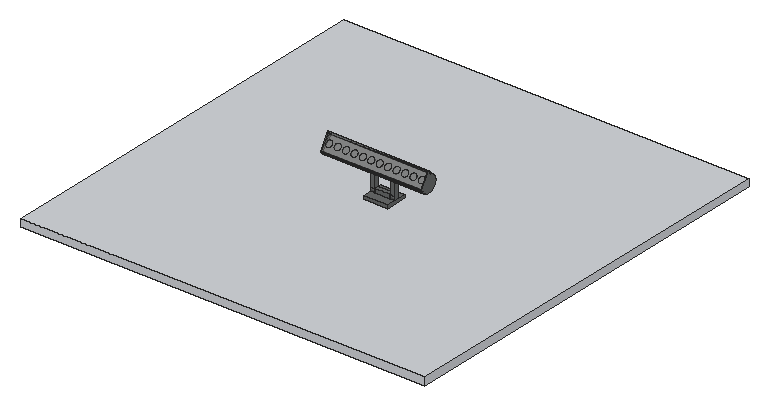
Revit family "INT-2", category Lighting Fixtures, host Face, Revit 2021
Family settings
  Host = Face
  Round Connector Dimension = Use Diameter
  Part Type = Normal
  OmniClass Number = 23.80.70.11.14.17
  OmniClass Title = Direct/Indirect
  Cut with Voids When Loaded = No
  Light Source = No
  Shared = Yes
  Room Calculation Point = No
Parameters (values of type "INT")
  zz Angle = if(Angle Tilt < 0.5°, 0.5°, if(Angle Tilt > 89.5°, 89.5°, Angle Tilt))  # 45°
  Wings = Paint - Light Silver
  Width = 3.875"
  Watts = 15 W
  Wattage Comments = "15W"
  Warranty = "5 years Warranty"  # constant formula
  Voltage = 120 V
  URL = "https://www.currentlighting.com/kimlighting"
  Reflector Finish = White Glass
  Product Family URL = ""
  Power Factor = 1
  Mounting = Paint - Light Silver
  Model = "INT-2"  # constant formula
  Manufacturer = "Kim Lighting"  # constant formula
  Load Classification = Lighting
  Length = 24.000"
  Lamp = "LED"  # constant formula
  Housing Material = Paint -  Basic Black Textured
  Glass = Glass
  Fixture distribution = "Direct"  # constant formula
  Height = 6.000"
  Features = "Architectural linear product for wall and ground mounting\r\napplications such as sign lighting, wall washing, wall grazing, and\r\nbuilding accent lighting\r\n• IP66 rated product with linear run capabilities\r\n• Lumen range from 657 to 3,271 lm"  # constant formula
  Description = "Intent"  # constant formula
  Default Elevation = 48.000"
  Copyright = " © Kim Lighting"  # constant formula
  Contact = ""
  Connector Description = "Lighting Connector"  # constant formula
  Assembly Code = "D5020200"
  Apparent Load = Watts / Power Factor  # 15 VA
  Angle Tilt = 45°
Reference planes (in)
  plane 1 "Center (Front/Back)": y = 0
  plane 2: z = 0.5561
  plane 3 "Center (Left/Right)": x = 0
  plane 4: z = -5.92028
  plane 5: z = 6.5561
  plane 6: y = 2.5249
  plane 7: y = -2.5249
  plane 8: y = -1.9375
  plane 9: y = 1.9375
  plane 10: z = 16.60335
  plane 11: x = -12
  plane 12: x = 12
  plane 13: x = -8
  plane 14: x = 8
  plane 15: x = -2.9
  plane 16: x = 2.9
  plane 17: z = 1.3061
  plane 18: z = 5.5561
Forms (in)
  Extrusion 1, solid
    sketch origin (0, 0, 0) x (1, 0, 0) y (0, 1, 0)
      loop
        line (-48, 48) -> (-48, -48) -> (48, -48) -> (48, 48) -> (-48, 48)
    from 0.5561 to -1.25
  Extrusion 2, solid, material "Paint -  Basic Black Textured" <- "Housing Material"
    sketch origin (0, 0, 0) x (1, 0, 0) y (0, 1, 0)
      loop
        line (-2.9, 2.5249) -> (-2.9, -2.5249) -> (2.9, -2.5249) -> (2.9, 2.5249) -> (-2.9, 2.5249)
    from 0.5561 to 1.3061
  Extrusion 3, solid, material "Paint -  Basic Black Textured" <- "Housing Material"
    sketch origin (-9.1903, -0.03381, -5.03125) x (0, 1, 0) y (0, 0, -1)
      loop
        arc (0.41381, -7.14661) -> (0.03381, -6.27166) -> (-0.3462, -7.14661) r 0.52
        line (-0.3462, -7.14661) -> (-0.3462, -10.95669)
        arc (-0.3462, -10.95669) -> (0.03381, -11.83164) -> (0.41381, -10.95669) r 0.52
        line (0.41381, -10.95669) -> (0.41381, -7.14661)
    from -7.25042 to -6.2903
  Extrusion 4, solid, material "Paint -  Basic Black Textured" <- "Housing Material"
    sketch origin (-9.05527, -0.03381, 10.9339) x (0, 1, 0) y (-1, 0, 0)
      loop
        arc (0.41381, -7.36435) -> (0.30251, -7.09565) -> (0.03381, -6.98435) r 0.38001
        arc (0.03381, -6.98435) -> (-0.2349, -7.09565) -> (-0.3462, -7.36435) r 0.38001
        line (-0.3462, -7.36435) -> (-0.3462, -10.67608)
        arc (-0.3462, -10.67608) -> (-0.2349, -10.94478) -> (0.03381, -11.05608) r 0.38001
        arc (0.03381, -11.05608) -> (0.30251, -10.94478) -> (0.41381, -10.67608) r 0.38001
        line (0.41381, -10.67608) -> (0.41381, -7.36435)
    from -5.3778 to -4.3778
  Extrusion 5, solid, material "Paint -  Basic Black Textured" <- "Housing Material"
    sketch origin (-9.05527, -0.03381, 7.0589) x (0, 1, 0) y (-1, 0, 0)
      loop
        arc (0.41381, -7.40383) -> (0.30251, -7.13513) -> (0.03381, -7.02382) r 0.38001
        arc (0.03381, -7.02382) -> (-0.2349, -7.13513) -> (-0.3462, -7.40383) r 0.38001
        line (-0.3462, -7.40383) -> (-0.3462, -10.69582)
        arc (-0.3462, -10.69582) -> (-0.2349, -10.96452) -> (0.03381, -11.07582) r 0.38001
        arc (0.03381, -11.07582) -> (0.30251, -10.96452) -> (0.41381, -10.69582) r 0.38001
        line (0.41381, -10.69582) -> (0.41381, -7.40383)
    from -5.7528 to -4.7528
  Extrusion 6, solid, material "Paint -  Basic Black Textured" <- "Housing Material"
    sketch origin (9.1903, -0.03381, -5.03125) x (0, 1, 0) y (0, 0, 1)
      loop
        line (0.41381, 7.14661) -> (0.41381, 10.95669)
        arc (0.41381, 10.95669) -> (0.03381, 11.83164) -> (-0.3462, 10.95669) r 0.52
        line (-0.3462, 10.95669) -> (-0.3462, 7.14661)
        arc (-0.3462, 7.14661) -> (0.03381, 6.27166) -> (0.41381, 7.14661) r 0.52
    from -7.24157 to -6.2903
Dimensions and locks (in)
  plane 2 to plane 4 = 6.47638"
  "Height": plane 5 to Extrusion 1
  equal spacing: plane 7, plane 1 "Center (Front/Back)", plane 6
  plane 7 to plane 6 = 5.0498"
  "Width": plane 9 to plane 8
  equal spacing: plane 9, plane 1 "Center (Front/Back)", plane 8
  equal spacing: plane 12, plane 3 "Center (Left/Right)", plane 11
  "Length": plane 12 to plane 11
  locked: plane 13 to plane 11 at 4
  locked: plane 12 to plane 14 at 4
  plane 6 to plane 7 = 5.0498"
  locked: plane 5 to plane 18 at 1
  "zz Angle": angle plane 5 to nested 1
  aligned and locked: plane 2 to Extrusion 1
  aligned and locked: nested 1 to plane 5
  aligned and locked: Extrusion 4 to plane 18
  aligned and locked: Extrusion 4 to plane 5
Automatic sketch dimensions
  Extrusion 1 sketch curve to Extrusion 1 sketch curve = 96.000"  (x2)
  plane 7 to Extrusion 2 sketch curve = 0.000"
  Extrusion 2 sketch curve to plane 15 = 0.000"
  Extrusion 2 sketch curve to plane 16 = 0.000"
  plane 6 to Extrusion 2 sketch curve = 0.000"
  Extrusion 3 sketch curve to plane 1 "Center (Front/Back)" = 0.000"  (x2)
  plane 1 "Center (Front/Back)" to Extrusion 3 sketch curve = 0.38001"
  Extrusion 3 sketch curve to plane 1 "Center (Front/Back)" = 0.38001"
  Extrusion 3 sketch curve to Extrusion 3 sketch curve = 0.35496"
  Extrusion 3 sketch curve to plane 17 = 0.80926"
  Extrusion 3 sketch curve to plane 17 = 0.45431"
  Extrusion 4 sketch curve to Extrusion 4 sketch curve = 0.000"  (x4)
  plane 1 "Center (Front/Back)" to Extrusion 4 sketch curve = 0.000"
  Extrusion 4 sketch curve to Extrusion 4 sketch curve = 0.38001"
  Extrusion 4 sketch curve to plane 16 = 1.27919"
  plane 15 to Extrusion 4 sketch curve = 1.20909"
  Extrusion 5 sketch curve to Extrusion 5 sketch curve = 0.000"  (x4)
  plane 1 "Center (Front/Back)" to Extrusion 5 sketch curve = 0.000"
  Extrusion 5 sketch curve to Extrusion 5 sketch curve = 0.38001"
  Extrusion 5 sketch curve to plane 16 = 1.25945"
  plane 15 to Extrusion 5 sketch curve = 1.24856"
  Extrusion 6 sketch curve to plane 1 "Center (Front/Back)" = 0.000"  (x2)
  plane 1 "Center (Front/Back)" to Extrusion 6 sketch curve = 0.38001"
  Extrusion 6 sketch curve to plane 1 "Center (Front/Back)" = 0.38001"
  Extrusion 6 sketch curve to plane 17 = 0.45431"
  Extrusion 6 sketch curve to Extrusion 6 sketch curve = 0.35496"
  plane 5 to Extrusion 3 sketch curve = 0.63067"
  plane 5 to Extrusion 6 sketch curve = 0.63067"
  plane 5 to Extrusion 6 sketch curve = 0.27571"
Nested families (in)
  nested 1: "Family2" at (1.10236, 0.3203, 6.5561) x (0, -0.7071, 0.7071) z (-1, 0, 0), type "Family2"
Connectors (in)
  electrical at (0, 0, 0.5561), driven by "Voltage", driven by "Apparent Load", driven by "Power Factor", driven by "Connector Description"
    settings: on Extrusion 2, index 1, voltage 120 V, apparent load 15 VA, apparent load phase1 0 VA, apparent load phase2 0 VA, apparent load phase3 0 VA, power factor 1, load classification "Other", number of poles 1, system type 30, power factor state 1, is connector primary yes, connector utility no, sub classification motor no, connector description "Lighting Connector"
Definition of nested family "Family2"
  Parameters
    Wattage = 25 W
    built-in parameter 1150110 = 1 (stored number, unit not read)
    built-in parameter 1114217 = 1 (stored number, unit not read)
    Tilt Angle = 60°
    built-in parameter 1150109 = 1 (stored number, unit not read)
    built-in parameter 1150134 = 3
    built-in parameter 1150113 = 1 (stored number, unit not read)
    Photometric Web File = "INT-2-24L-30-3K7-WG.ies"
    built-in parameter 1150105 = 295.51 (stored number, unit not read)
    Lumens = 3713.55 lm
    built-in parameter 1150115 = 1 (stored number, unit not read)
    built-in parameter 1150137 = (empty or 0)
    built-in parameter 1150139 = (empty or 0)
    built-in parameter 1150112 = 1 (stored number, unit not read)
    built-in parameter 1150114 = 1 (stored number, unit not read)
    built-in parameter 1150132 = (empty or 0)
    built-in parameter 1150102 = (empty or 0)
    built-in parameter 1150107 = 3200 (stored number, unit not read)
    built-in parameter 1150138 = (empty or 0)
    built-in parameter 1150106 = 2.9551 (stored number, unit not read)
    Housing = none
    Glass = none
    built-in parameter 1150104 = 13.8 (stored number, unit not read)
    Dimming Lamp Color Temperature Shift = (empty or 0)
    Default Elevation = 48.000"
    Color Filter = 16777215
    built-in parameter 1114218 = 1 (stored number, unit not read)
    built-in parameter 1150133 = 10 (stored number, unit not read)
  Reference planes (in)
    plane 1 "Center (Front/Back)": y = 0
    plane 2: z = 0
    plane 3 "Center (Left/Right)": x = 0
  Forms (in)
    Extrusion 1, solid
      sketch origin (0, 0, 0) x (1, 0, 0) y (0, 1, 0)
        loop
          line (-48, 48) -> (-48, -48) -> (48, -48) -> (48, 48) -> (-48, 48)
      from 0 to -12
    Extrusion 2, solid, material <- "Housing"
      sketch origin (-11.61927, -0.13326, 1.10236) x (0.008677, -0.999962, 0) y (0.999962, 0.008677, 0)
        loop
          line (-1.9375, 16.60335) -> (-1.9375, 14.58076)
          arc (-1.9375, 14.58076) -> (0.00667, 12.63658) -> (1.95085, 14.58076) r 1.94417
          line (1.95085, 14.58076) -> (1.95085, 14.78758)
          arc (1.95085, 14.78758) -> (1.89614, 14.83995) -> (1.95085, 14.89233) r 0.05243
          line (1.95085, 14.89233) -> (1.95085, 14.94535)
          arc (1.95085, 14.94535) -> (1.89751, 14.99776) -> (1.95085, 15.05018) r 0.05243
          line (1.95085, 15.05018) -> (1.95085, 15.10316)
          arc (1.95085, 15.10316) -> (1.89888, 15.15558) -> (1.95085, 15.208) r 0.05243
          line (1.95085, 15.208) -> (1.95085, 15.65069) -> (1.73341, 15.70895) -> (1.73341, 15.52932) -> (-1.73341, 15.52932) -> (-1.73341, 16.56736) -> (-1.9375, 16.60335)
      from -12 to 12
    Extrusion 3, solid, material <- "Housing"
      sketch origin (-11.61927, -0.13326, 1.10236) x (0.008677, -0.999962, 0) y (0.999962, 0.008677, 0)
        loop
          line (-1.9375, 16.60335) -> (-1.9375, 14.58076)
          arc (-1.9375, 14.58076) -> (0.00667, 12.63658) -> (1.95085, 14.58076) r 1.94417
          line (1.95085, 14.58076) -> (1.95085, 14.78758)
          arc (1.95085, 14.78758) -> (1.89614, 14.83955) -> (1.95005, 14.89236) r 0.05243
          line (1.95005, 14.89236) -> (1.95051, 14.94534)
          arc (1.95051, 14.94534) -> (1.89751, 14.99793) -> (1.95085, 15.05018) r 0.05243
          line (1.95085, 15.05018) -> (1.95085, 15.10316)
          arc (1.95085, 15.10316) -> (1.89888, 15.15558) -> (1.95085, 15.208) r 0.05243
          line (1.95085, 15.208) -> (1.95085, 15.65069) -> (-1.9375, 16.60335)
      from 11.8 to 12
    Extrusion 4, solid, material <- "Housing"
      sketch origin (-11.61927, -0.13326, 1.10236) x (-0.999962, -0.008677, 0) y (0.008677, -0.999962, 0)
        loop
          line (-16.60335, -1.9375) -> (-14.58076, -1.9375)
          arc (-14.58076, -1.9375) -> (-12.63658, 0.00667) -> (-14.58076, 1.95085) r 1.94417
          line (-14.58076, 1.95085) -> (-14.78758, 1.95085)
          arc (-14.78758, 1.95085) -> (-14.83995, 1.89614) -> (-14.89233, 1.95085) r 0.05243
          line (-14.89233, 1.95085) -> (-14.94535, 1.95085)
          arc (-14.94535, 1.95085) -> (-14.99776, 1.89751) -> (-15.05018, 1.95085) r 0.05243
          line (-15.05018, 1.95085) -> (-15.10316, 1.95085)
          arc (-15.10316, 1.95085) -> (-15.15558, 1.89888) -> (-15.208, 1.95085) r 0.05243
          line (-15.208, 1.95085) -> (-15.65069, 1.95085) -> (-16.60335, -1.9375)
      from 11.8 to 12
    Extrusion 5, solid, material <- "Glass"
      sketch origin (-11.61927, -0.13326, 1.10236) x (0, 0, 1) y (0.008677, -0.999962, 0)
        loop
          line (12, 1.95085) -> (-12, 1.95085) -> (-12, -1.76075) -> (12, -1.76075) -> (12, 1.95085)
      from 15.55834 to 15.65508
    Extrusion 6, solid, material <- "Housing"
      sketch origin (-12.05675, -0.13706, 1.10236) x (0.008677, -0.999962, 0) y (0.999962, 0.008677, 0)
        loop
          line (-1.28244, 13.69502) -> (-1.28244, 13.00042)
          arc (-1.28244, 13.00042) -> (-0.03244, 12.05749) -> (1.21756, 13.00042) r 1.3
          line (1.21756, 13.00042) -> (1.21756, 13.69502) -> (-1.28244, 13.69502)
      from -8 to 8
    Extrusion 7, solid, material <- "Glass"
      sketch origin (-11.61927, -0.13326, 1.10236) x (0, 0, 1) y (0.008677, -0.999962, 0)
        loop
          circle (-11, 0) r 0.75
        loop
          circle (-9, 0) r 0.75
        loop
          circle (-7, 0) r 0.75
        loop
          circle (-5, 0) r 0.75
        loop
          circle (-3, 0) r 0.75
        loop
          circle (-1, 0) r 0.75
        loop
          circle (1, 0) r 0.75
        loop
          circle (3, 0) r 0.75
        loop
          circle (5, 0) r 0.75
        loop
          circle (7, 0) r 0.75
        loop
          circle (9, 0) r 0.75
        loop
          circle (11, 0) r 0.75
      from 15.55834 to 15.65508
    Extrusion 8, solid, material <- "Housing"
      sketch origin (-11.61927, -0.13326, -22.71014) x (0.008677, -0.999962, 0) y (0.999962, 0.008677, 0)
        loop
          line (-1.9375, 16.60335) -> (-1.9375, 14.58076)
          arc (-1.9375, 14.58076) -> (0.00667, 12.63658) -> (1.95085, 14.58076) r 1.94417
          line (1.95085, 14.58076) -> (1.95085, 14.78758)
          arc (1.95085, 14.78758) -> (1.89614, 14.83995) -> (1.95085, 14.89233) r 0.05243
          line (1.95085, 14.89233) -> (1.95085, 14.94535)
          arc (1.95085, 14.94535) -> (1.89751, 14.99776) -> (1.95085, 15.05018) r 0.05243
          line (1.95085, 15.05018) -> (1.95085, 15.10316)
          arc (1.95085, 15.10316) -> (1.89888, 15.15558) -> (1.95085, 15.208) r 0.05243
          line (1.95085, 15.208) -> (1.95085, 15.65069) -> (-1.9375, 16.60335)
      from 11.8 to 12
    Extrusion 9, void
      sketch origin (0, 0.3125, 0) x (0, 1, 0) y (0, 0, 1)
        loop
          circle (-1.38482, 1.10236) r 0.125
        loop
          circle (-1.38482, 8.10236) r 0.125
        loop
          circle (-1.38482, -5.89764) r 0.125
        loop
          circle (0.80743, 1.10236) r 0.125
        loop
          circle (0.80743, 8.10236) r 0.125
        loop
          circle (0.80743, -5.89764) r 0.125
      from -0.15201 to 1.38325
  Cuts and joins
    Extrusion 9 cuts Extrusion 2
    Extrusion 9 cuts Extrusion 5
    Extrusion 9 cuts Extrusion 6
  Lines and regions (in)
    reference lines
      curve 1: line (0, 0, 1.10236) -> (6.25, 0, 1.10236)
      curve 2: line (0, 0, 102.71882) -> (0, 0, -24)
  Dimensions and locks (in)
    curve 2 to cut or joined group of Extrusion 6, Extrusion 9 = 1.38325"
    aligned and locked: plane 2 to Extrusion 1
    aligned and locked: level to Extrusion 1
    aligned and locked: Extrusion 3 to Extrusion 2
